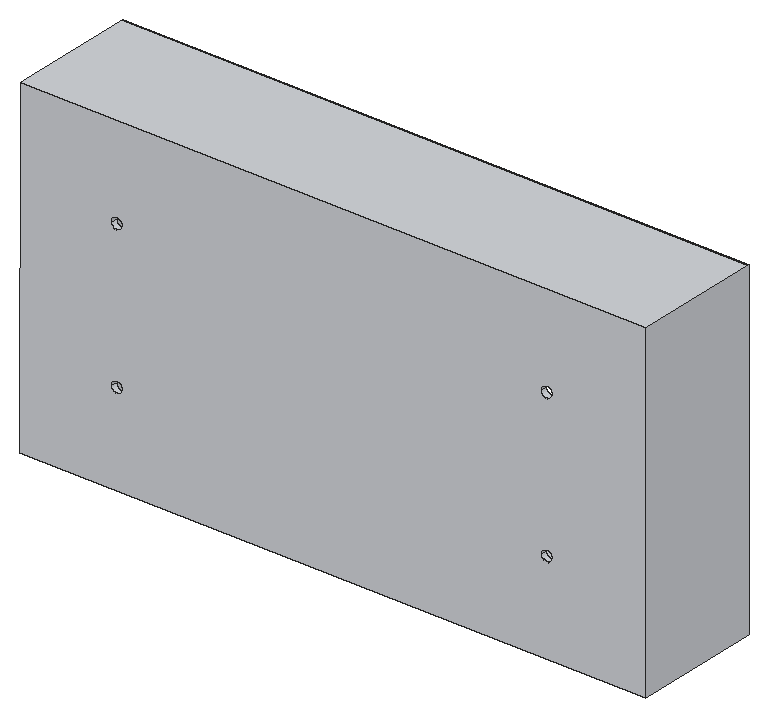
Revit family "AX4930_0007", category Appareils sanitaires, Revit 2016
Family settings
  Hôte = Mur
  Type d'élément = Normal
  Cote de connecteur circulaire = Utiliser le diamètre
  Numéro OmniClass = 23.75.00.00
  Titre OmniClass = Climate Control (HVAC)
  Toujours verticalement = Oui
  Couper avec des vides une fois chargée = Non
  Partagée = Non
  Point de calcul de pièce = Non
Parameters (values of type "Type 1")
  URL = "https://www.axeuro.com/fr/distributeurs-de-mouchoirs/24014-distributeur-de-mouchoirs-ax4930.html"
  Type de produit / Type of product = "Distributeur de mouchoirs / Facial tissues dispenser"  # constant formula
  Référence / Reference = "AX4930, AX4930P"  # constant formula
  Model = ""
  Manufacturer = ""
  Entreprise / Company = "Axeuro"  # constant formula
  Description = ""
Reference planes
  plane 1 "Mur": y = 0
  plane 2 "Centre (gauche/droite)": x = 0
  plane 3 "Arrière": y = 75
Forms (mm)
  Blend 1, solid
    base sketch origin (0, 103.874, 0) x (1, 0, 0) y (0, 0, 1)
      loop
        arc (138.739, 1519.487) -> (142.275, 1520.951) -> (143.739, 1524.487) r 5
        line (143.739, 1524.487) -> (143.739, 1662.459)
        arc (143.739, 1662.459) -> (142.275, 1665.994) -> (138.739, 1667.459) r 5
        line (138.739, 1667.459) -> (-138.739, 1667.459)
        arc (-138.739, 1667.459) -> (-142.275, 1665.994) -> (-143.739, 1662.459) r 5
        line (-143.739, 1662.459) -> (-143.739, 1524.487)
        arc (-143.739, 1524.487) -> (-142.275, 1520.951) -> (-138.739, 1519.487) r 5
        line (-138.739, 1519.487) -> (138.739, 1519.487)
    top sketch origin (0, 75, 0) x (1, 0, 0) y (0, 0, 1)
      loop
        line (149.739, 1514.487) -> (149.739, 1672.459) -> (-148.739, 1672.459) -> (-148.739, 1514.487) -> (149.739, 1514.487)
    from -35.529 to -60.983
  Extrusion 2, solid
    sketch origin (486.97, 75, -29.739) x (1, 0, 0) y (0, 0, 1)
      loop
        line (-337.231, 1702.198) -> (-635.709, 1702.198) -> (-635.709, 1544.226) -> (-337.231, 1544.226) -> (-337.231, 1702.198)
      loop
        line (-339.931, 1546.926) -> (-339.931, 1699.498) -> (-633.009, 1699.498) -> (-633.009, 1546.926) -> (-339.931, 1546.926)
    from -60.983 to 0
  Extrusion 3, void
    sketch origin (0, 75, 0) x (1, 0, 0) y (0, 0, 1)
      loop
        arc (79.783, 1603.923) -> (62.564, 1605.056) -> (45.837, 1609.299) r 94.581
        arc (45.837, 1609.299) -> (0, 1618.923) -> (-45.837, 1609.299) r 113.975
        arc (-45.837, 1609.299) -> (-62.564, 1605.056) -> (-79.783, 1603.923) r 94.581
        line (-79.783, 1603.923) -> (-89.55, 1603.923)
        arc (-89.55, 1603.923) -> (-100, 1593.473) -> (-89.55, 1583.023) r 10.45
        line (-89.55, 1583.023) -> (-75.96, 1583.023)
        arc (-75.96, 1583.023) -> (-62.099, 1582.179) -> (-48.433, 1579.717) r 118.355
        arc (-48.433, 1579.717) -> (0, 1568.023) -> (48.433, 1579.717) r 106.141
        arc (48.433, 1579.717) -> (62.099, 1582.179) -> (75.96, 1583.023) r 118.355
        line (75.96, 1583.023) -> (89.55, 1583.023)
        arc (89.55, 1583.023) -> (100, 1593.473) -> (89.55, 1603.923) r 10.45
        line (89.55, 1603.923) -> (79.783, 1603.923)
    from -64.403 to -60.983
  Extrusion 4, solid
    sketch origin (0, 75, 0) x (1, 0, 0) y (0, 0, 1)
      loop
        line (149.739, 1672.459) -> (-148.739, 1672.459) -> (-148.739, 1514.487) -> (149.739, 1514.487) -> (149.739, 1672.459)
    from -2.7 to 0
  Extrusion 5, void
    sketch origin (0, 0, 0) x (1, 0, 0) y (0, 0, 1)
      loop
        circle (-102.5, 1628.473) r 2.6
    from -77.7 to -75
  Extrusion 6, void
    sketch origin (0, 0, 0) x (-1, 0, 0) y (0, 0, -1)
      loop
        circle (-102.5, -1628.473) r 2.6
    from -77.7 to -75
  Extrusion 7, void
    sketch origin (0, 0, -70) x (1, 0, 0) y (0, 0, 1)
      loop
        circle (-102.5, 1628.473) r 2.6
    from -77.7 to -75
  Extrusion 8, void
    sketch origin (0, 0, -70) x (-1, 0, 0) y (0, 0, -1)
      loop
        circle (-102.5, -1628.473) r 2.6
    from -77.7 to -75
Cuts and joins
  Extrusion 3, Extrusion 6, Extrusion 7, Extrusion 8 cuts Extrusion 2
  Extrusion 5, Extrusion 6, Extrusion 7, Extrusion 8 cuts Extrusion 4
  joined: Extrusion 2, Extrusion 4
  Extrusion 3 cuts Blend 1
Lines and regions (mm)
  reference lines
    curve 1: line (-46.048, 75, 1514.487) -> (-48.23, 75, 1514.487)
Text (mm)
  text "Côté de la mise en place" at (-1820.995, 1116.779, 0), in view "Niveau de réf."
  text "Côté de la mise en place" at (0, 1334.055, 2976.191), in view "Gauche"
  text "Côté de la mise en place" at (0, 439.194, 2944.362), in view "Droite"
Dimensions and locks
  locked: plane 3 "Arrière" to host wall
  aligned and locked: plane 1 "Mur" to host wall
